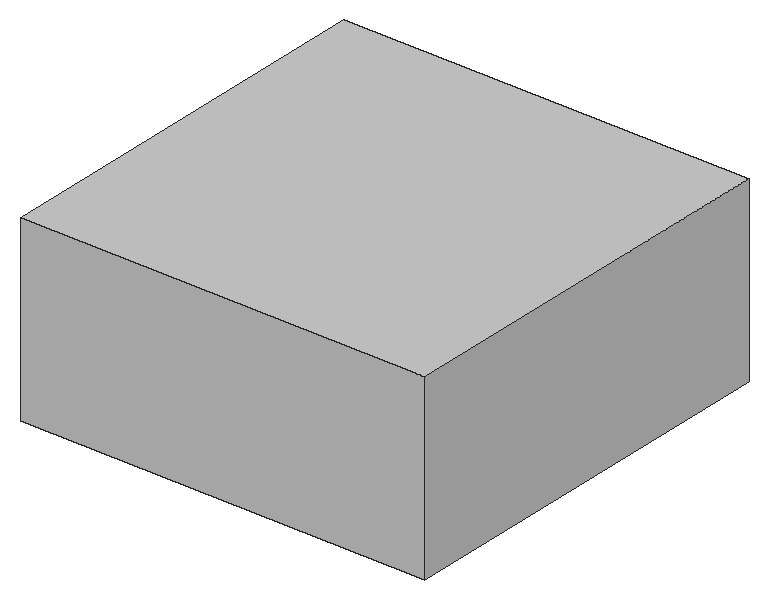
Revit family
Parameters (values of type "2000 x 2000 x 900mm")
  Width = 2000 mm
  Length = 2000 mm
  Footing Material [instance] = Concrete - Cast-in-Place Concrete
  Assembly Code = ""
  Thickness = 900 mm
Types (3, lengths in mm): name | Width | Length | Thickness
  (no name) | 2000 | 2000 | 900
  2000 x 2000 x 900mm | 2000 | 2000 | 900
  2600 x 1650 x 1100mm | 1650 | 2600 | 1100
Reference planes
  plane 1 "Center (Front/Back)": y = 0
  plane 2: z = 0
  plane 3 "Center (Left/Right)": x = 0
  plane 4: x = -1000
  plane 5: x = 1000
  plane 6: y = 1000
  plane 7: y = -1000
Forms (mm)
  Extrusion 1, solid, material "Concrete - Cast-in-Place Concrete" <- "Footing Material"
    sketch origin (0, 0, 0) x (1, 0, 0) y (0, 1, 0)
      loop
        line (-1000, 1000) -> (-1000, -1000) -> (1000, -1000) -> (1000, 1000) -> (-1000, 1000)
    from -900 to 0
Dimensions and locks
  "Thickness": plane 2 to Extrusion 1
  "Width": plane 4 to plane 5
  "Length": plane 6 to plane 7
  plane 6 to plane 1 "Center (Front/Back)" to plane 7 = 1000 mm, 1000 mm
  plane 4 to plane 3 "Center (Left/Right)" to plane 5 = 1000 mm, 1000 mm
  aligned: plane 4 to Extrusion 1 sketch curve
  aligned: Extrusion 1 sketch curve to plane 5
  aligned: Extrusion 1 sketch curve to plane 6
  aligned: plane 7 to Extrusion 1 sketch curve
  aligned: level to Extrusion 1
